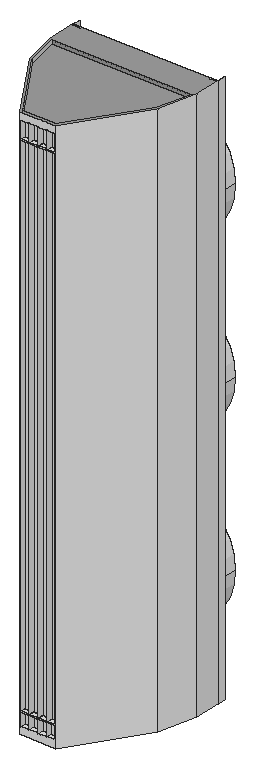
Revit family "Guard Pro 200W", category Wyposażenie mechaniczne, Revit 2018
Family settings
  Wymiar okrągłego złącza = Użyj średnicy
  Klasyfikacja = Brak
  Typ części = Normalny
  Oparty na płaszczyźnie roboczej = Nie
  Zawsze pionowo = Tak
  Tnij formami wycięć po wczytaniu = Nie
  Współdzielony = Nie
  Punkt obliczania pomieszczeń = Nie
Parameters (values of type "Guard Pro 200W")
  температура теплоносителя питание [instance] = 90 °C
  температура теплоносителя возвращение [instance] = 70 °C
  материал = Powder lak coated Steel
  масса оборудования с водой = 62.00 kg
  максимальная температура среды = 90 °C
  двигатель потребление тока = 3.6 A
  Температура воздуха на выходе [instance] = 90 °C
  Температура воздуха на входе [instance] = 70 °C
  Скорость воздушного потока [instance] = 0.0 m/s
  Расход воды [instance] = 0.0 L/s
  Номинальная тепловая мощность [instance] = 47000 W
  Напряжение питания = 230 V
  Мощность электродвигателя = 750 W
  Масса оборудования = 60.00 kg
  Максимальный расход воздуха = 9000 m³/h
  Максимальное рабочее давление = 1.6 MPa
  Количество рядов нагревателя = "2"
  Класс защиты = "IP54"
  Длина завесы = 2000 mm
  Диаметры патрубков = 19.1 mm
  Гидравлическое сопротивление [instance] = 0.0 Pa
  Opis = "Промышленная воздушно-тепловая завеса"
  Fan3 = yes
  высота вентилятора 3 = 1620 mm
  высота вентилятора 2 = 1000 mm
  высота вентилятора 1 = 380 mm
  Producent = "SONNIGER Polska Sp. z o.o. Sp. k."
  Model = "Guard Pro 200W"
  Autor = "www.archispace.pl"
Reference planes
  plane 1 "Środek (Przód/Tył)": y = 0
  plane 2: z = 0
  plane 3 "Środek (Lewa/Prawa)": x = 0
  plane 4 "wysokość": z = 2000
Forms (mm)
  Extrusion 1, solid, material "Powder lak coated Steel" <- "материал"
    sketch origin (0, 0, 0) x (1, 0, 0) y (0, 1, 0)
      loop
        line (-260, 0) -> (-260, -98) -> (-228.987, -228) -> (-64, -480) -> (64, -480) -> (228.987, -228) -> (260.988, -93.861) -> (260.988, 0) -> (-260, 0)
    from 0 to 2000
  Extrusion 2, void, detail levels fine
    sketch origin (-64, -480, 0) x (-1, 0, 0) y (0, 0, 1)
      loop
        line (-31.536, 1910.02) -> (-31.536, 75.02) -> (-1.411, 75.02) -> (-1.411, 1910.02) -> (-31.536, 1910.02)
      loop
        line (-33.036, 1910.02) -> (-63.161, 1910.02) -> (-63.161, 75.02) -> (-33.036, 75.02) -> (-33.036, 1910.02)
      loop
        line (-64.661, 75.02) -> (-64.661, 1910.02) -> (-94.786, 1910.02) -> (-94.786, 75.02) -> (-64.661, 75.02)
      loop
        line (-96.411, 1910.02) -> (-126.411, 1910.02) -> (-126.411, 75.02) -> (-96.411, 75.02) -> (-96.411, 1910.02)
      loop
        line (-96.411, 1911.52) -> (-96.411, 1974.42) -> (-126.411, 1974.42) -> (-126.411, 1911.52) -> (-96.411, 1911.52)
      loop
        line (-94.786, 1911.52) -> (-64.661, 1911.52) -> (-64.661, 1974.42) -> (-94.786, 1974.42) -> (-94.786, 1911.52)
      loop
        line (-63.161, 1911.52) -> (-33.036, 1911.52) -> (-33.036, 1974.42) -> (-63.161, 1974.42) -> (-63.161, 1911.52)
      loop
        line (-31.536, 1911.52) -> (-1.411, 1911.52) -> (-1.411, 1974.42) -> (-31.536, 1974.42) -> (-31.536, 1911.52)
      loop
        line (-1.411, 25.62) -> (-1.411, 73.52) -> (-31.536, 73.52) -> (-31.536, 25.62) -> (-1.411, 25.62)
      loop
        line (-33.036, 73.52) -> (-63.161, 73.52) -> (-63.161, 25.62) -> (-33.036, 25.62) -> (-33.036, 73.52)
      loop
        line (-64.661, 73.52) -> (-94.786, 73.52) -> (-94.786, 25.62) -> (-64.661, 25.62) -> (-64.661, 73.52)
      loop
        line (-96.286, 73.52) -> (-126.411, 73.52) -> (-126.411, 25.62) -> (-96.286, 25.62) -> (-96.286, 73.52)
    from 0 to 20
  Extrusion 3, solid, material "Powder lak coated Steel" <- "материал"
    sketch origin (-1359.541, 0, 0) x (1, 0, 0) y (0, 0, -1)
      loop
        circle (1360.528, -380) r 242
    from 0 to 98
  Extrusion 4, solid, material "Powder lak coated Steel" <- "материал"
    sketch origin (-1359.541, 0, 676) x (1, 0, 0) y (0, 0, -1)
      loop
        circle (1360.528, -324) r 242
    from 0 to 98
  Extrusion 5, solid, material "Powder lak coated Steel" <- "материал", visible <- "Fan3"
    sketch origin (0, 0, 0) x (1, 0, 0) y (0, 0, 1)
      loop
        circle (0, 1620) r 243
    from 0 to -98
  Extrusion 6, solid, material "Powder lak coated Steel" <- "материал", visible <- "Fan3", detail levels coarse
    sketch origin (0, 98, 0) x (-1, 0, 0) y (0, 0, 1)
      loop
        circle (0, 1620) r 40.517
    from 0 to 28.5
  Extrusion 7, solid, material "Powder lak coated Steel" <- "материал", detail levels coarse
    sketch origin (-1359.541, 98, 676) x (1, 0, 0) y (0, 0, -1)
      loop
        circle (1358.702, -324) r 40.77
    from 0 to 28.5
  Extrusion 8, solid, material "Powder lak coated Steel" <- "материал", detail levels coarse
    sketch origin (-1359.541, 98, 0) x (1, 0, 0) y (0, 0, -1)
      loop
        circle (1359.541, -380) r 41.364
    from 0 to 28.5
  Extrusion 9, solid
    sketch origin (-1359.541, 0, 0) x (1, 0, 0) y (0, 0, -1)
      loop
        circle (1570.528, -1955) r 9.55
      loop
        circle (1515.528, -1955) r 9.55
    from 0 to 37.4
  Extrusion 10, solid, material "Powder lak coated Steel" <- "материал", detail levels medium+fine
    sketch origin (0, 0, 0) x (1, 0, 0) y (0, 1, 0)
      loop
        line (-257.512, 2.502) -> (-257.512, 30) -> (-259.012, 30) -> (-259.012, 2.5)
        arc (-259.012, 2.5) -> (-258.28, 0.732) -> (-256.512, 0) r 2.5
        line (-256.512, 0) -> (-231.985, 0) -> (-231.985, 1.5) -> (-256.512, 1.5)
        arc (-256.512, 1.5) -> (-257.22, 1.795) -> (-257.512, 2.502) r 1
      loop
        line (259.488, 30) -> (259.488, 2.5)
        arc (259.488, 2.5) -> (259.195, 1.793) -> (258.488, 1.5) r 1
        line (258.488, 1.5) -> (233.988, 1.5) -> (233.988, 0) -> (258.488, 0)
        arc (258.488, 0) -> (260.255, 0.735) -> (260.988, 2.503) r 2.5
        line (260.988, 2.503) -> (260.988, 30) -> (259.488, 30)
    from 0 to 2000
  Extrusion 11, void, detail levels medium+fine
    sketch origin (0, 0, 0) x (1, 0, 0) y (0, 1, 0)
      loop
        line (60.875, -473.318) -> (221.487, -228) -> (250.687, -105.6) -> (-250.687, -105.6) -> (-221.487, -228) -> (-60.875, -473.318) -> (60.875, -473.318)
    from 1985.666 to 2433.194
  Extrusion 12, void, detail levels medium+fine
    sketch origin (0, 0, 0) x (1, 0, 0) y (0, 1, 0)
      loop
        line (-221.487, -228) -> (-60.875, -473.318) -> (60.875, -473.318) -> (221.487, -228) -> (250.687, -105.6) -> (-250.687, -105.6) -> (-221.487, -228)
    from -69.313 to 11.43
  Extrusion 13, solid, detail levels medium+fine
    sketch origin (-1359.541, 98, 676) x (1, 0, 0) y (0, 0, -1)
      loop
        line (1345.504, 257.295) -> (1372.553, 257.295)
        arc (1372.553, 257.295) -> (1388.02, 267.009) -> (1397.733, 282.475) r 41
        line (1397.733, 282.475) -> (1397.733, 309.525)
        arc (1397.733, 309.525) -> (1388.02, 324.991) -> (1372.553, 334.705) r 41
        line (1372.553, 334.705) -> (1345.504, 334.705)
        arc (1345.504, 334.705) -> (1330.037, 324.991) -> (1320.323, 309.525) r 41
        line (1320.323, 309.525) -> (1320.323, 282.475)
        arc (1320.323, 282.475) -> (1330.037, 267.009) -> (1345.504, 257.295) r 41
    from 0 to 28.5
  Extrusion 14, solid, visible <- "Fan3", detail levels medium+fine
    sketch origin (-1359.541, 98, 1206.324) x (1, 0, 0) y (0, 0, -1)
      loop
        line (1345.504, -452.381) -> (1372.553, -452.381)
        arc (1372.553, -452.381) -> (1388.02, -442.668) -> (1397.733, -427.201) r 41
        line (1397.733, -427.201) -> (1397.733, -400.152)
        arc (1397.733, -400.152) -> (1388.02, -384.685) -> (1372.553, -374.971) r 41
        line (1372.553, -374.971) -> (1345.504, -374.971)
        arc (1345.504, -374.971) -> (1330.037, -384.685) -> (1320.323, -400.152) r 41
        line (1320.323, -400.152) -> (1320.323, -427.201)
        arc (1320.323, -427.201) -> (1330.037, -442.668) -> (1345.504, -452.381) r 41
    from 0 to 28.5
  Extrusion 15, solid, detail levels medium+fine
    sketch origin (-1359.541, 98, 1352.306) x (1, 0, 0) y (0, 0, -1)
      loop
        line (1345.504, 313.601) -> (1372.553, 313.601)
        arc (1372.553, 313.601) -> (1388.02, 323.314) -> (1397.733, 338.781) r 41
        line (1397.733, 338.781) -> (1397.733, 365.83)
        arc (1397.733, 365.83) -> (1388.02, 381.297) -> (1372.553, 391.011) r 41
        line (1372.553, 391.011) -> (1345.504, 391.011)
        arc (1345.504, 391.011) -> (1330.037, 381.297) -> (1320.323, 365.83) r 41
        line (1320.323, 365.83) -> (1320.323, 338.781)
        arc (1320.323, 338.781) -> (1330.037, 323.314) -> (1345.504, 313.601) r 41
    from 0 to 28.5
Cuts and joins
  Extrusion 2, Extrusion 11, Extrusion 12 cuts Extrusion 1
Lines and regions (mm)
  Split face 1
    outline origin (228.987, -228, 2500) x (0, 0, -1) y (0.23205, 0.972704, 0)
      loop
        line (532.508, 13.225) -> (768.508, 13.225) -> (768.508, 75.225) -> (532.508, 75.225) -> (532.508, 13.225)
Dimensions and locks
  "Длина завесы": plane 4 "wysokość" to level
  "высота вентилятора 1": cut or joined group of Extrusion 1, Extrusion 2, Extrusion 11, Extrusion 12 to Extrusion 3 sketch curve
  "высота вентилятора 2": cut or joined group of Extrusion 1, Extrusion 2, Extrusion 11, Extrusion 12 to Extrusion 4 sketch curve
  "высота вентилятора 3": level to Extrusion 5 sketch curve
  "высота вентилятора 3": cut or joined group of Extrusion 1, Extrusion 2, Extrusion 11, Extrusion 12 to Extrusion 6 sketch curve
  "высота вентилятора 2": level to Extrusion 7 sketch curve
  "высота вентилятора 1": cut or joined group of Extrusion 1, Extrusion 2, Extrusion 11, Extrusion 12 to Extrusion 8 sketch curve
  locked: Extrusion 9 sketch curve to plane 4 "wysokość" at 45
  locked: cut or joined group of Extrusion 1, Extrusion 2, Extrusion 11, Extrusion 12 to Extrusion 9 sketch curve at 50
  locked: Extrusion 9 sketch curve to Extrusion 9 sketch curve at 55
  locked: cut or joined group of Extrusion 1, Extrusion 2, Extrusion 11, Extrusion 12 to plane 4 "wysokość" at 14.334
  "высота вентилятора 1": level to Extrusion 13 sketch curve
  "высота вентилятора 2": level to Extrusion 15 sketch curve
  "высота вентилятора 3": level to Extrusion 14 sketch curve
  locked: cut or joined group of Extrusion 1, Extrusion 2, Extrusion 11, Extrusion 12 to Split face 1 at 32.508
  aligned and locked: level to plane 2
  aligned and locked: plane 4 "wysokość" to Extrusion 1
  aligned and locked: Extrusion 6 to Extrusion 7
  aligned and locked: Extrusion 8 to Extrusion 3
  aligned and locked: Extrusion 8 to Extrusion 7
  aligned and locked: plane 4 "wysokość" to Extrusion 10
  aligned and locked: Extrusion 13 to Extrusion 3
Automatic sketch dimensions
  plane 1 "Środek (Przód/Tył)" to Extrusion 1 sketch curve = 0 mm
  plane 1 "Środek (Przód/Tył)" to Extrusion 1 sketch curve = 98 mm
  Extrusion 1 sketch curve to plane 3 "Środek (Lewa/Prawa)" = 260 mm
  Extrusion 1 sketch curve to Extrusion 1 sketch curve = 31.013 mm
  Extrusion 1 sketch curve to plane 3 "Środek (Lewa/Prawa)" = 64 mm
  plane 3 "Środek (Lewa/Prawa)" to Extrusion 1 sketch curve = 64 mm
  plane 3 "Środek (Lewa/Prawa)" to Extrusion 1 sketch curve = 228.987 mm
  Extrusion 1 sketch curve to Extrusion 1 sketch curve = 32.001 mm
  Extrusion 1 sketch curve to Extrusion 1 sketch curve = 130 mm
  plane 1 "Środek (Przód/Tył)" to Extrusion 1 sketch curve = 228 mm
  Extrusion 1 sketch curve to Extrusion 1 sketch curve = 252 mm
  Extrusion 1 sketch curve to Extrusion 1 sketch curve = 93.861 mm
  Extrusion 1 to Extrusion 2 sketch curve = 1.589 mm  (x3)
  Extrusion 2 sketch curve to Extrusion 2 sketch curve = 30 mm
  Extrusion 2 sketch curve to Extrusion 2 sketch curve = 0 mm  (x13)
  Extrusion 2 sketch curve to Extrusion 2 sketch curve = 0.125 mm
  Extrusion 2 sketch curve to Extrusion 2 sketch curve = 1.625 mm  (x2)
  Extrusion 2 sketch curve to Extrusion 2 sketch curve = 1.5 mm  (x14)
  Extrusion 2 sketch curve to Extrusion 2 sketch curve = 30.125 mm  (x3)
  Extrusion 2 sketch curve to Extrusion 1 = 1.411 mm  (x3)
  Extrusion 2 sketch curve to Extrusion 1 = 25.62 mm  (x2)
  Extrusion 2 sketch curve to Extrusion 2 sketch curve = 47.9 mm
  Extrusion 2 sketch curve to Extrusion 1 = 89.98 mm  (x2)
  Extrusion 2 sketch curve to Extrusion 1 = 25.58 mm  (x3)
  Extrusion 1 to Extrusion 9 sketch curve = 45 mm
  plane 1 "Środek (Przód/Tył)" to Extrusion 10 sketch curve = 0 mm  (x2)
  Extrusion 10 sketch curve to plane 1 "Środek (Przód/Tył)" = 30 mm
  Extrusion 10 sketch curve to plane 3 "Środek (Lewa/Prawa)" = 259.012 mm
  Extrusion 10 sketch curve to Extrusion 10 sketch curve = 1.5 mm  (x3)
  Extrusion 10 sketch curve to Extrusion 10 sketch curve = 1 mm  (x3)
  Extrusion 10 sketch curve to Extrusion 10 sketch curve = 0 mm  (x10)
  Extrusion 10 sketch curve to plane 1 "Środek (Przód/Tył)" = 1.5 mm
  Extrusion 10 sketch curve to Extrusion 10 sketch curve = 24.528 mm
  plane 3 "Środek (Lewa/Prawa)" to Extrusion 10 sketch curve = 233.988 mm
  Extrusion 10 sketch curve to plane 1 "Środek (Przód/Tył)" = 2.503 mm
  Extrusion 10 sketch curve to Extrusion 10 sketch curve = 24.5 mm
  Extrusion 10 sketch curve to Extrusion 10 sketch curve = 0.003 mm
  Extrusion 10 sketch curve to Extrusion 10 sketch curve = 0.002 mm
  Extrusion 10 sketch curve to Extrusion 10 sketch curve = 27.5 mm
  plane 1 "Środek (Przód/Tył)" to Extrusion 11 sketch curve = 105.6 mm
  Extrusion 11 sketch curve to plane 3 "Środek (Lewa/Prawa)" = 250.687 mm
  Extrusion 11 sketch curve to Extrusion 11 sketch curve = 29.2 mm  (x2)
  Extrusion 11 sketch curve to plane 3 "Środek (Lewa/Prawa)" = 60.875 mm
  plane 3 "Środek (Lewa/Prawa)" to Extrusion 11 sketch curve = 60.875 mm
  plane 3 "Środek (Lewa/Prawa)" to Extrusion 11 sketch curve = 221.487 mm
  Extrusion 11 sketch curve to Extrusion 11 sketch curve = 122.4 mm  (x2)
  Extrusion 11 sketch curve to Extrusion 11 sketch curve = 245.318 mm
  plane 1 "Środek (Przód/Tył)" to Extrusion 12 sketch curve = 105.6 mm
  Extrusion 12 sketch curve to plane 3 "Środek (Lewa/Prawa)" = 250.687 mm
  Extrusion 12 sketch curve to Extrusion 12 sketch curve = 29.2 mm  (x2)
  Extrusion 12 sketch curve to plane 3 "Środek (Lewa/Prawa)" = 60.875 mm
  plane 3 "Środek (Lewa/Prawa)" to Extrusion 12 sketch curve = 60.875 mm
  plane 3 "Środek (Lewa/Prawa)" to Extrusion 12 sketch curve = 221.487 mm
  Extrusion 12 sketch curve to Extrusion 12 sketch curve = 122.4 mm  (x2)
  Extrusion 12 sketch curve to Extrusion 12 sketch curve = 245.318 mm
  Split face 1 sketch curve to cut or joined group of Extrusion 1, Extrusion 2, Extrusion 11, Extrusion 12 = 32.508 mm
  Split face 1 sketch curve to cut or joined group of Extrusion 1, Extrusion 2, Extrusion 11, Extrusion 12 = 62.679 mm
  Split face 1 sketch curve to Split face 1 sketch curve = 236 mm
  cut or joined group of Extrusion 1, Extrusion 2, Extrusion 11, Extrusion 12 to Split face 1 sketch curve = 13.225 mm
  Extrusion 3 sketch curve to Extrusion 1 = 260 mm
  Extrusion 4 sketch curve to Extrusion 1 = 260 mm
  Extrusion 5 sketch curve to plane 3 "Środek (Lewa/Prawa)" = 0 mm
  Extrusion 13 sketch curve to Extrusion 13 sketch curve = 0 mm  (x6)
  Extrusion 13 sketch curve to plane 3 "Środek (Lewa/Prawa)" = 39.218 mm
  Extrusion 13 sketch curve to plane 3 "Środek (Lewa/Prawa)" = 14.037 mm  (x2)
  Extrusion 13 sketch curve to plane 3 "Środek (Lewa/Prawa)" = 0.512 mm
  plane 3 "Środek (Lewa/Prawa)" to Extrusion 13 sketch curve = 13.012 mm  (x2)
  Extrusion 13 sketch curve to Extrusion 13 sketch curve = 25.18 mm
  Extrusion 13 sketch curve to Extrusion 13 sketch curve = 13.525 mm
  Extrusion 13 sketch curve to Extrusion 13 sketch curve = 27.049 mm
  Extrusion 14 sketch curve to Extrusion 14 sketch curve = 0 mm  (x6)
  Extrusion 14 sketch curve to plane 3 "Środek (Lewa/Prawa)" = 39.218 mm
  Extrusion 14 sketch curve to plane 3 "Środek (Lewa/Prawa)" = 14.037 mm  (x2)
  Extrusion 14 sketch curve to plane 3 "Środek (Lewa/Prawa)" = 0.512 mm
  plane 3 "Środek (Lewa/Prawa)" to Extrusion 14 sketch curve = 13.012 mm  (x2)
  Extrusion 14 sketch curve to Extrusion 14 sketch curve = 25.18 mm
  Extrusion 14 sketch curve to Extrusion 14 sketch curve = 13.525 mm
  Extrusion 14 sketch curve to Extrusion 14 sketch curve = 27.049 mm
  Extrusion 15 sketch curve to Extrusion 15 sketch curve = 0 mm  (x6)
  Extrusion 15 sketch curve to plane 3 "Środek (Lewa/Prawa)" = 39.218 mm
  Extrusion 15 sketch curve to plane 3 "Środek (Lewa/Prawa)" = 14.037 mm  (x2)
  Extrusion 15 sketch curve to plane 3 "Środek (Lewa/Prawa)" = 0.512 mm
  plane 3 "Środek (Lewa/Prawa)" to Extrusion 15 sketch curve = 13.012 mm  (x2)
  Extrusion 15 sketch curve to Extrusion 15 sketch curve = 25.18 mm
  Extrusion 15 sketch curve to Extrusion 15 sketch curve = 13.525 mm
  Extrusion 15 sketch curve to Extrusion 15 sketch curve = 27.049 mm
  radius of Extrusion 9 sketch curve = 9.55 mm  (x2)
  radius of Extrusion 3 sketch curve = 242 mm
  radius of Extrusion 4 sketch curve = 242 mm
  radius of Extrusion 5 sketch curve = 243 mm
  radius of Extrusion 6 sketch curve = 40.517 mm
  radius of Extrusion 7 sketch curve = 40.77 mm
  radius of Extrusion 8 sketch curve = 41.364 mm
Connectors
  electrical at (0.494, 0, 1000), driven by "Напряжение питания"
    settings: on cut or joined group of Extrusion 1, Extrusion 2, Extrusion 11, Extrusion 12, index 1, voltage 230 V, apparent load 0.0 kVA, apparent load phase1 0.5 kVA, apparent load phase2 0.0 kVA, apparent load phase3 0.0 kVA, power factor 1, load classification "Moc", number of poles 1, system type 31, power factor state 1, is connector primary yes, connector utility no, sub classification motor no, connector description ""
  piping at (210.988, 37.4, 1955), diameter 19.1, driven by "Диаметры патрубков"
    settings: on Extrusion 9, index 2, connector inside diameter 609.6 mm, connector length 0 mm, flow factor 0, pipe flow 0.0 L/s, pressure drop 0.0 Pa, fitting loss kfactor 0, connector angle 0.00°, fixture units 0, engagement length 0 mm, angle of deflection 0.00°, flow configuration 0, flow direction 1, fitting loss method 0, system type 7, joint type 0, gender type 0, connector reference index -1, connector utility 0, adjustable connector no, is connector primary yes, connector description ""
  piping at (155.988, 37.4, 1955), diameter 19.1, driven by "Диаметры патрубков"
    settings: on Extrusion 9, index 3, connector inside diameter 609.6 mm, connector length 0 mm, flow factor 0, pipe flow 0.0 L/s, pressure drop 0.0 Pa, fitting loss kfactor 0, connector angle 0.00°, fixture units 0, engagement length 0 mm, angle of deflection 0.00°, flow configuration 0, flow direction 2, fitting loss method 0, system type 8, joint type 0, gender type 0, connector reference index -1, connector utility 0, adjustable connector no, is connector primary no, connector description ""
